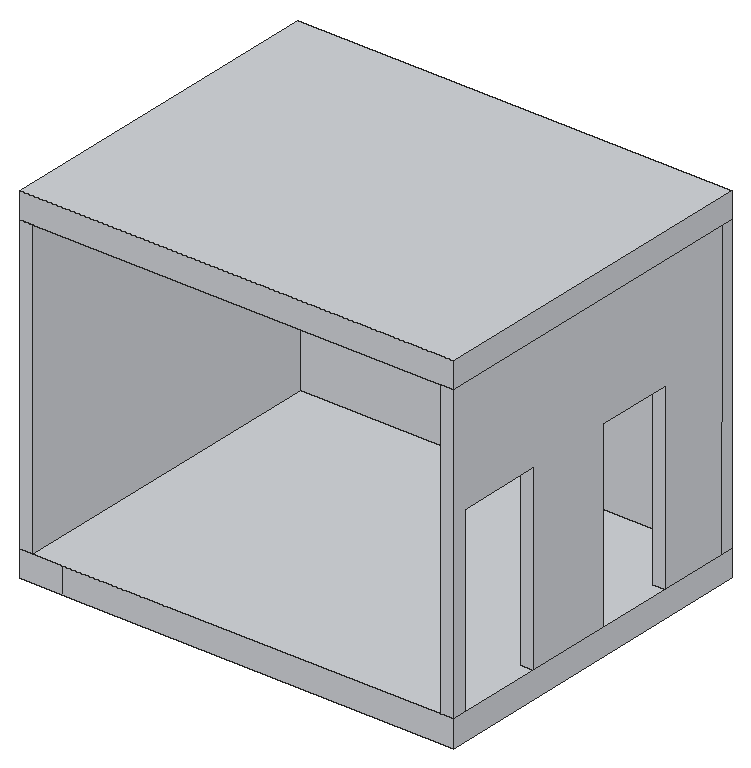
Revit family "TPP_FAMILY_BOXBASE", category Generic Models, Revit 2016
Family settings
  Part Type = Normal
  Can host rebar = No
  Round Connector Dimension = Use Diameter
  Work Plane-Based = No
  Always vertical = Yes
  Cut with Voids When Loaded = No
  Shared = No
  Room Calculation Point = No
Parameters
  Spessore = 15 cm
  Sessoreinf = 7.5862 cm
  Larghezza porta [instance] = 100 cm
  Bordo = 30 cm
  Profondità = 400 cm
  Larghezza [instance] = 500 cm
  Altezzasolaio = 30 cm
  Altezza = 400 cm
Reference planes (cm)
  plane 1 "Center (Front/Back)": y = 0
  plane 2: z = 0
  plane 3 "Center (Left/Right)": x = 0
  plane 4: z = 30
  plane 5: x = 58.5713
  plane 6: y = -63.0524
  plane 7: x = 558.5713
  plane 8: y = 336.9476
  plane 9: x = 73.5713
  plane 10: x = 543.5713
  plane 11: y = 321.9476
  plane 12: y = -48.0524
  plane 13: z = 30
  plane 14: z = 400
  plane 15: z = 370
  plane 16: y = 51.9476
  plane 17: x = 88.5713
  plane 18: z = 340
  plane 19: x = 528.5713
  plane 20: z = 60
  plane 21: y = -55.4662
Forms (cm)
  Extrusion 1, solid
    sketch origin (0, 0, 0) x (1, 0, 0) y (0, 1, 0)
      loop
        line (58.5713, 336.9476) -> (58.5713, -63.0524) -> (107.1158, -63.0524) -> (558.5713, -63.0524) -> (558.5713, 336.9476) -> (58.5713, 336.9476)
    from 0 to 30
  Extrusion 2, solid
    sketch origin (0, 0, 0) x (1, 0, 0) y (0, 0, 1)
      loop
        line (558.5713, 400) -> (58.5713, 400) -> (58.5713, 370) -> (558.5713, 370) -> (558.5713, 400)
    from -336.9476 to 63.0524
  Extrusion 3, solid
    sketch origin (0, 0, 0) x (1, 0, 0) y (0, 1, 0)
      loop
        line (58.5713, 321.9476) -> (58.5713, -63.0524) -> (73.5713, -63.0524) -> (73.5713, 321.9476) -> (58.5713, 321.9476)
    from 30 to 370
  Extrusion 4, solid
    sketch origin (0, 0, 0) x (1, 0, 0) y (0, 1, 0)
      loop
        line (58.5713, 336.9476) -> (58.5713, 321.9476) -> (558.5713, 321.9476) -> (558.5713, 336.9476) -> (58.5713, 336.9476)
    from 30 to 370
  Extrusion 5, solid
    sketch origin (0, 0, 0) x (0, 1, 0) y (0, 0, 1)
      loop
        line (-63.0524, 370) -> (-63.0524, 30) -> (-48.0524, 30) -> (-48.0524, 240) -> (51.9476, 240) -> (51.9476, 30) -> (151.9476, 30) -> (151.9476, 240) -> (241.9476, 240) -> (241.9476, 30) -> (321.9476, 30) -> (321.9476, 370) -> (-63.0524, 370)
    from 543.5713 to 558.5713
Dimensions and locks (cm)
  "Bordo": level to plane 4
  "Spessore": plane 8 to plane 11
  "Spessore": plane 10 to plane 7
  "Spessore": plane 6 to plane 12
  "Spessore": plane 5 to plane 9
  "Larghezza": plane 5 to plane 7
  "Profondità": plane 8 to plane 6
  "Altezzasolaio": plane 13 to level
  "Altezza": plane 14 to level
  "Altezzasolaio": plane 14 to plane 15
  "Larghezza porta": plane 12 to plane 16
  "Bordo": plane 5 to plane 17
  "Bordo": plane 15 to plane 18
  "Bordo": plane 19 to plane 7
  "Bordo": plane 20 to plane 13
  "Sessoreinf": plane 21 to plane 6
  aligned and locked: level to plane 2
  aligned and locked: Extrusion 1 to plane 8
  aligned and locked: plane 7 to Extrusion 1
  aligned and locked: Extrusion 1 to plane 6
  aligned and locked: Extrusion 1 to plane 5
  aligned and locked: plane 13 to Extrusion 1
  aligned and locked: plane 14 to Extrusion 2
  aligned and locked: Extrusion 2 to plane 6
  aligned and locked: plane 8 to Extrusion 2
  aligned and locked: Extrusion 3 to plane 5
  aligned and locked: plane 9 to Extrusion 3
  aligned and locked: plane 15 to Extrusion 3
  aligned and locked: Extrusion 3 to plane 13
  aligned and locked: plane 8 to Extrusion 4
  aligned and locked: Extrusion 4 to plane 11
  aligned and locked: Extrusion 4 to plane 5
  aligned and locked: plane 7 to Extrusion 4
  aligned and locked: plane 15 to Extrusion 4
  aligned and locked: Extrusion 4 to plane 13
  aligned and locked: Extrusion 2 to plane 15
  aligned and locked: plane 11 to Extrusion 3
  aligned and locked: Extrusion 3 to plane 6
  aligned and locked: plane 7 to Extrusion 5
  aligned and locked: Extrusion 5 to plane 10
  aligned and locked: Extrusion 5 to plane 6
Automatic sketch dimensions
  Extrusion 1 sketch curve to plane 5 = 0 cm
  plane 8 to Extrusion 1 sketch curve = 0 cm
  plane 7 to Extrusion 1 sketch curve = 0 cm
  plane 9 to Extrusion 1 sketch curve = 33.5445 cm
  Extrusion 1 sketch curve to plane 6 = 0 cm
  Extrusion 2 sketch curve to plane 5 = 0 cm
  Extrusion 2 sketch curve to plane 7 = 0 cm
  Extrusion 2 sketch curve to plane 15 = 0 cm
  Extrusion 2 sketch curve to plane 14 = 0 cm
  Extrusion 3 sketch curve to plane 5 = 0 cm
  Extrusion 3 sketch curve to plane 9 = 0 cm
  plane 12 to Extrusion 3 sketch curve = 15 cm
  Extrusion 3 sketch curve to plane 11 = 0 cm
  plane 10 to Extrusion 4 sketch curve = 15 cm
  Extrusion 4 sketch curve to plane 8 = 15 cm
  Extrusion 4 sketch curve to Extrusion 4 sketch curve = 15 cm
  Extrusion 4 sketch curve to plane 9 = 15 cm
  Extrusion 5 sketch curve to plane 6 = 0 cm
  Extrusion 5 sketch curve to plane 4 = 0 cm  (x3)
  Extrusion 5 sketch curve to plane 12 = 0 cm
  Extrusion 5 sketch curve to plane 16 = 0 cm
  Extrusion 5 sketch curve to plane 11 = 0 cm
  Extrusion 5 sketch curve to plane 15 = 0 cm
  Extrusion 5 sketch curve to plane 16 = 100 cm
  Extrusion 5 sketch curve to plane 11 = 80 cm
  Extrusion 5 sketch curve to plane 18 = 100 cm
  Extrusion 5 sketch curve to Extrusion 5 sketch curve = 0 cm
